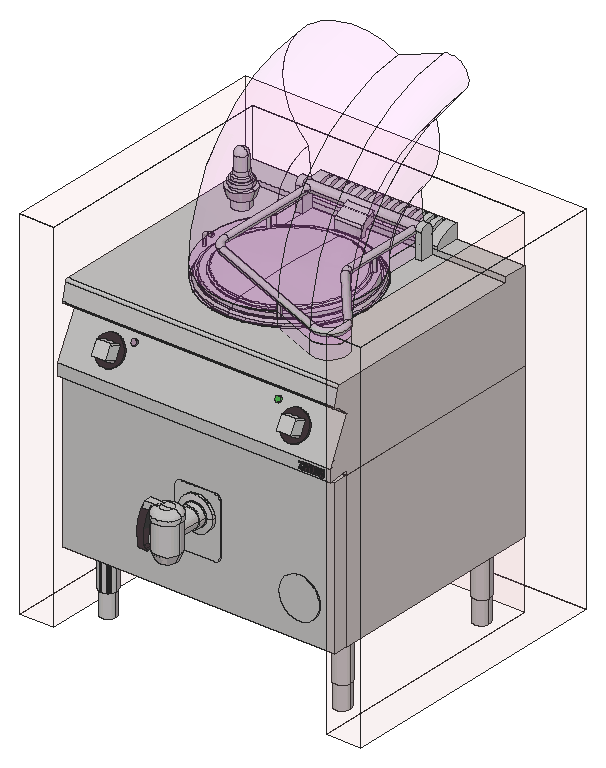
Revit family "QF_ZANUSSI_372270_Z7BSGHINFR", category Attrezzature speciali, Revit 2020
Family settings
  Quota connettore circolare = Usa diametro
  Tipo di parte = Normale
  Basato su piano di lavoro = No
  Sempre verticale = Sì
  Taglio con vuoti quando caricato = No
  Condiviso = Sì
  Punto di calcolo locali = No
Parameters (values of type "Standard")
  Weight = 220.462 lbm
  Watts = 100 W
  Volts = 230 V
  URL Manufacturer = "http://www.zanussiprofessional.com"
  URL = "http://www.zanussiprofessional.com"
  Steam Supply Size = 0"
  Steam Supply Minimum Pressure = 0.00 psi
  Steam Supply Maximum Pressure = 0.00 psi
  Steam Consumption per Hour = 0
  Show Logo [instance] = yes
  Show Clearance [instance] = yes
  Refrigeration Suction Line Size = 0 mm
  Refrigeration Liquid Line Size = 0 mm
  Refrigerant Compressor Remote = yes
  Prospetto di default = 0 mm
  Produttore = "Zanussi"
  Phase = 1
  Modello = "Z7BSGHINFR"
  Length Actual = 800 mm  # constant formula
  Item Number = "372270"
  Hot Water Size = 3/4"
  Height Actual = 850 mm  # constant formula
  HP = "0.1 HP"
  Gas Size = 1/2"
  Gas KW = 14
  Gas Input Pressure = 0.462818 Btu/h
  Direct Waste Size = 5 1/2"
  Descrizione = "60 LT GAS INDIRECT BOIL.PAN-AUTO.REFILL"
  Depth Actual = 700 mm  # constant formula
  Cycle = 50 Hz
  Condensate Return Size = 0"
  Compressed Air Volume = 0 GPM
  Compressed Air Size = 0"
  Compressed Air Pressure = 0.00 psi
  Cold Water Size = 3/4"
  Accessory = yes
Reference planes
  plane 1 "BACK": y = 0
  plane 2: z = 0
  plane 3 "LEFT": x = 0
  plane 4 "RIGHT": x = 800
  plane 5 "FRONT": y = -730
  plane 6: z = 850
  plane 7: z = 150
  plane 8: x = -100
  plane 9: x = 900
  plane 10: y = 100
  plane 11: z = 449
  plane 12 "Top": z = 850
  plane 13: y = -365
  plane 14: x = 400
  plane 15: x = 500
  plane 16: z = 995.049
  plane 17: z = 890.905
Forms (mm)
  Extrusion 1, solid, material "QF_Finishes_Clearance", visible <- "Show Clearance"
    sketch origin (0, -80, 0) x (1, 0, 0) y (0, 1, 0)
      loop
        line (-100, -650) -> (0, -650) -> (0, 80) -> (800, 80) -> (800, -650) -> (900, -650) -> (900, 180) -> (-100, 180) -> (-100, -650)
    from 0 to 1055
  Revolve 2, solid, material "QF_Finishes_Door Clearance", visible <- "Show Clearance"
    sketch origin (-999.388, 37.227, 940.905) x (1, 0, 0) y (0, 1, 0)
      loop
        line (1214.388, -112.413) -> (1214.388, -147.2) -> (1233.629, -147.2) -> (1233.629, -242.213)
        arc (1233.629, -242.213) -> (1220.256, -547.115) -> (1521.217, -597.774) r 230.392
        line (1521.217, -597.774) -> (1659.542, -652.393)
        arc (1659.542, -652.393) -> (1719.84, -634.715) -> (1717.523, -571.922) r 51.161
        line (1717.523, -571.922) -> (1623.189, -459.5)
        arc (1623.189, -459.5) -> (1622.299, -343.659) -> (1565.146, -242.895) r 230.392
        line (1565.146, -242.895) -> (1565.146, -147.2) -> (1584.388, -147.2) -> (1584.388, -112.413) -> (1214.388, -112.413)
      axis (1214.388, -112.413) -> (1717.523, -112.413)
    angle from 0 to -85
  Extrusion 3, solid, material "QF_Finishes_Door Clearance", visible <- "Show Clearance"
    sketch origin (0, 42.589, 145) x (1, 0, 0) y (0, 1, 0)
      loop
        line (215, -117.774) -> (215, -152.562) -> (234.241, -152.562) -> (234.241, -247.575)
        arc (234.241, -247.575) -> (220.868, -552.476) -> (521.828, -603.136) r 230.392
        line (521.828, -603.136) -> (660.154, -657.755)
        arc (660.154, -657.755) -> (720.452, -640.077) -> (718.135, -577.284) r 51.161
        line (718.135, -577.284) -> (623.801, -464.862)
        arc (623.801, -464.862) -> (622.911, -349.021) -> (565.758, -248.256) r 230.392
        line (565.758, -248.256) -> (565.758, -152.562) -> (585, -152.562) -> (585, -117.774) -> (215, -117.774)
    from 755 to 795.905
  Extrusion 4, solid, material "QF_Finishes_Stainless Steel"
    sketch origin (0, 0, 50) x (0, 1, 0) y (0, 0, 1)
      loop
        line (0, 601) -> (0, 865) -> (-70, 865) -> (-70, 850) -> (-679.358, 850)
        arc (-679.358, 850) -> (-684.643, 847.811) -> (-686.833, 842.526) r 7.474
        line (-686.833, 842.526) -> (-699.884, 797.011)
        arc (-699.884, 797.011) -> (-699.396, 794.379) -> (-697, 793.184) r 3
        line (-697, 793.184) -> (-686.802, 793.184) -> (-654.982, 761.364) -> (-715, 641.508) -> (-715, 606.508) -> (-658.645, 614.428)
        arc (-658.645, 614.428) -> (-656.101, 613.674) -> (-655, 611.259) r 3.2
        line (-655, 611.259) -> (-655, 601) -> (0, 601)
    from 0 to 800
  Extrusion 5, solid, material "QF_Finishes_Stainless Steel"
    sketch origin (28.192, 0, 82.666) x (1, 0, 0) y (0, 0, 1)
      loop
        circle (241.361, 238.63) r 30
    from 699.69 to 700.841
  Extrusion 6, solid, material "QF_Finishes_Stainless Steel"
    sketch origin (455.707, 0, 73.11) x (1, 0, 0) y (0, 0, 1)
      loop
        circle (241.361, 238.63) r 60
    from 699.69 to 700.841
  Extrusion 7, solid, material "QF_Finishes_Stainless Steel"
    sketch origin (0, 0, 50) x (1, 0, 0) y (0, 1, 0)
      loop
        line (0, 0) -> (0, -655) -> (800, -655) -> (800, 0) -> (0, 0)
    from 150 to 600
  Extrusion 8, solid, material "QF_Finishes_Stainless Steel"
    sketch origin (0, -40, 50) x (0, 1, 0) y (0, 0, 1)
      loop
        line (-660, 601) -> (-660, 150) -> (-620, 150) -> (-620, 601) -> (-660, 601)
    from 0 to 800
  Extrusion 9, solid, material "QF_Finishes_Stainless Steel"
    sketch origin (-1055.159, 259.464, 194.383) x (1, 0, 0) y (0, 1, 0)
      loop
        circle (1102.159, -787.464) r 10
    from -9.383 to 5.617
  Extrusion 10, solid, material "QF_Finishes_Stainless Steel"
    sketch origin (-1055.159, 346.464, 194.383) x (1, 0, 0) y (0, 1, 0)
      loop
        circle (1102.159, -787.464) r 10
    from -9.383 to 5.617
  Extrusion 11, solid, material "QF_Finishes_Stainless Steel"
    sketch origin (-358.159, 333.464, 194.383) x (1, 0, 0) y (0, 1, 0)
      loop
        circle (1102.159, -787.464) r 10
    from -9.383 to 5.617
  Extrusion 12, solid, material "QF_Finishes_Stainless Steel"
    sketch origin (-375.159, 268.464, 194.383) x (1, 0, 0) y (0, 1, 0)
      loop
        circle (1102.159, -787.464) r 10
    from -9.383 to 5.617
  Extrusion 13, solid, material "QF_Finishes_Stainless Steel"
    sketch origin (-602.159, 281.464, 194.383) x (1, 0, 0) y (0, 1, 0)
      loop
        circle (1102.159, -787.464) r 20
    from -9.383 to 5.617
  Extrusion 14, solid, material "QF_Finishes_Stainless Steel"
    sketch origin (-1055.159, 416.464, 194.383) x (1, 0, 0) y (0, 1, 0)
      loop
        circle (1102.159, -787.464) r 10
    from -9.383 to 5.617
Lines and regions (mm)
  reference lines
    curve 1: line (734, 0, 0) -> (754, 0, 0)
  model lines
    curve 2: line (0, -700, 200) -> (0, -660, 200)
Dimensions and locks
  plane 4 "RIGHT" to plane 3 "LEFT" = 800 mm
  plane 6 to level = 850 mm
  plane 3 "LEFT" to plane 4 "RIGHT" = 800 mm
  plane 5 "FRONT" to plane 1 "BACK" = 730 mm
  plane 8 to plane 3 "LEFT" = 100 mm
  plane 4 "RIGHT" to plane 9 = 100 mm
  plane 10 to plane 1 "BACK" = 100 mm
  equal spacing: plane 3 "LEFT", plane 14, plane 4 "RIGHT"
  equal spacing: plane 5 "FRONT", plane 13, plane 1 "BACK"
  plane 15 to plane 3 "LEFT" = 500 mm
  aligned and locked: level to plane 2
  aligned and locked: plane 5 "FRONT" to Extrusion 1  (x2)
  aligned and locked: Extrusion 1 to plane 4 "RIGHT"
  aligned and locked: plane 3 "LEFT" to Extrusion 1
  aligned and locked: plane 8 to Extrusion 1
  aligned and locked: plane 9 to Extrusion 1
  aligned and locked: plane 10 to Extrusion 1
  aligned and locked: plane 1 "BACK" to Extrusion 1
Automatic sketch dimensions
  curve 2 to plane 5 "FRONT" = 30 mm
  plane 7 to curve 2 = 50 mm
  curve 2 to curve 2 = 40 mm
  plane 5 "FRONT" to Extrusion 1 sketch curve = 0 mm  (x2)
  Extrusion 1 sketch curve to plane 8 = 0 mm
  Extrusion 1 sketch curve to plane 3 "LEFT" = 0 mm
  plane 1 "BACK" to Extrusion 1 sketch curve = 0 mm
  Extrusion 1 sketch curve to plane 4 "RIGHT" = 0 mm
  Extrusion 1 sketch curve to plane 9 = 0 mm
  Extrusion 1 sketch curve to plane 10 = 0 mm
  plane 1 "BACK" to curve 1 = 0 mm
  curve 1 to plane 4 "RIGHT" = 66 mm
  curve 1 to curve 1 = 20 mm
  Revolve 2 sketch curve to plane 13 = 0 mm
  Revolve 2 sketch curve to plane 14 = 0 mm
  Revolve 2 sketch curve to plane 14 = 165.759 mm
  Revolve 2 sketch curve to Revolve 2 sketch curve = 19.241 mm
  plane 14 to Revolve 2 sketch curve = 0.37 mm
  Revolve 2 sketch curve to plane 15 = 21.828 mm
  Revolve 2 sketch curve to plane 15 = 65.758 mm
  Revolve 2 sketch curve to Revolve 2 sketch curve = 19.242 mm
  Revolve 2 sketch curve to plane 13 = 57.273 mm
  Revolve 2 sketch curve to plane 15 = 123.801 mm
  Revolve 2 sketch curve to plane 4 "RIGHT" = 139.846 mm
  Revolve 2 sketch curve to Revolve 2 sketch curve = 18.79 mm
  Revolve 2 sketch curve to Revolve 2 sketch curve = 39.191 mm
  Revolve 2 sketch curve to Revolve 2 sketch curve = 112.422 mm
  Revolve 2 sketch curve to plane 5 "FRONT" = 169.453 mm
  Revolve 2 sketch curve to Revolve 2 sketch curve = 32.885 mm
  Revolve 2 sketch curve to plane 13 = 1.065 mm
  Revolve 2 sketch curve to Revolve 2 sketch curve = 95.694 mm
  Revolve 2 sketch curve to Revolve 2 sketch curve = 95.013 mm
  Revolve 2 sketch curve to Revolve 2 sketch curve = 34.788 mm  (x2)
  Revolve 2 sketch curve to Revolve 2 sketch curve = 63.573 mm
  plane 15 to Revolve 2 sketch curve = 32.187 mm
  Extrusion 3 sketch curve to plane 13 = 0 mm
  Extrusion 3 sketch curve to plane 14 = 0 mm
  Extrusion 3 sketch curve to plane 14 = 165.759 mm
  Extrusion 3 sketch curve to Extrusion 3 sketch curve = 19.241 mm
  plane 14 to Extrusion 3 sketch curve = 0.37 mm
  Extrusion 3 sketch curve to plane 15 = 21.828 mm
  Extrusion 3 sketch curve to plane 15 = 65.758 mm
  Extrusion 3 sketch curve to Extrusion 3 sketch curve = 19.242 mm
  Extrusion 3 sketch curve to plane 13 = 57.273 mm
  Extrusion 3 sketch curve to plane 15 = 123.801 mm
  Extrusion 3 sketch curve to plane 4 "RIGHT" = 139.846 mm
  Extrusion 3 sketch curve to Extrusion 3 sketch curve = 18.79 mm
  Extrusion 3 sketch curve to Extrusion 3 sketch curve = 39.191 mm
  Extrusion 3 sketch curve to Extrusion 3 sketch curve = 112.422 mm
  Extrusion 3 sketch curve to plane 5 "FRONT" = 169.453 mm
  Extrusion 3 sketch curve to Extrusion 3 sketch curve = 32.885 mm
  Extrusion 3 sketch curve to plane 13 = 1.065 mm
  Extrusion 3 sketch curve to Extrusion 3 sketch curve = 95.694 mm
  Extrusion 3 sketch curve to Extrusion 3 sketch curve = 95.013 mm
  Extrusion 3 sketch curve to Extrusion 3 sketch curve = 34.788 mm
  Extrusion 4 sketch curve to plane 1 "BACK" = 0 mm
  plane 17 to Extrusion 4 sketch curve = 24.095 mm
  plane 1 "BACK" to Extrusion 4 sketch curve = 70 mm
  Extrusion 4 sketch curve to plane 5 "FRONT" = 75.018 mm
  Extrusion 4 sketch curve to plane 5 "FRONT" = 75 mm
  Extrusion 4 sketch curve to Extrusion 4 sketch curve = 3.2 mm
  Extrusion 4 sketch curve to Extrusion 4 sketch curve = 0.445 mm
  plane 17 to Extrusion 4 sketch curve = 1.621 mm
  Extrusion 4 sketch curve to plane 5 "FRONT" = 50.642 mm
  Extrusion 4 sketch curve to plane 6 = 6.816 mm
  Extrusion 4 sketch curve to plane 5 "FRONT" = 43.198 mm
  Extrusion 4 sketch curve to Extrusion 4 sketch curve = 7.474 mm
  Extrusion 4 sketch curve to plane 6 = 3.816 mm
  Extrusion 4 sketch curve to Extrusion 4 sketch curve = 10.198 mm
  Extrusion 4 sketch curve to plane 6 = 2.989 mm
  Extrusion 4 sketch curve to plane 5 "FRONT" = 15 mm
  Extrusion 4 sketch curve to plane 6 = 38.636 mm
  Extrusion 4 sketch curve to Extrusion 4 sketch curve = 119.856 mm
  Extrusion 4 sketch curve to Extrusion 4 sketch curve = 27.08 mm
  Extrusion 4 sketch curve to Extrusion 4 sketch curve = 35 mm
  Extrusion 4 sketch curve to Extrusion 4 sketch curve = 10.259 mm
  Extrusion 5 sketch curve to plane 14 = 130.446 mm
  plane 11 to Extrusion 5 sketch curve = 127.704 mm
  Extrusion 6 sketch curve to plane 4 "RIGHT" = 102.932 mm
  plane 11 to Extrusion 6 sketch curve = 137.26 mm
  Extrusion 7 sketch curve to plane 3 "LEFT" = 0 mm
  Extrusion 7 sketch curve to plane 4 "RIGHT" = 0 mm
  plane 1 "BACK" to Extrusion 7 sketch curve = 0 mm
  Extrusion 7 sketch curve to plane 5 "FRONT" = 75 mm
  Extrusion 8 sketch curve to plane 5 "FRONT" = 30 mm
  Extrusion 8 sketch curve to Extrusion 8 sketch curve = 40 mm
  plane 7 to Extrusion 8 sketch curve = 50 mm
  Extrusion 8 sketch curve to plane 6 = 199 mm
  plane 3 "LEFT" to Extrusion 9 sketch curve = 47 mm
  Extrusion 9 sketch curve to plane 13 = 163 mm
  plane 3 "LEFT" to Extrusion 10 sketch curve = 47 mm
  Extrusion 10 sketch curve to plane 13 = 76 mm
  Extrusion 11 sketch curve to plane 4 "RIGHT" = 56 mm
  Extrusion 11 sketch curve to plane 13 = 89 mm
  Extrusion 12 sketch curve to plane 4 "RIGHT" = 73 mm
  Extrusion 12 sketch curve to plane 13 = 154 mm
  Extrusion 13 sketch curve to plane 15 = 0 mm
  Extrusion 13 sketch curve to plane 13 = 141 mm
  Extrusion 14 sketch curve to plane 13 = 6 mm
  plane 3 "LEFT" to Extrusion 14 sketch curve = 47 mm
  radius of Extrusion 5 sketch curve = 30 mm
  radius of Extrusion 6 sketch curve = 60 mm
  radius of Extrusion 9 sketch curve = 10 mm
  radius of Extrusion 10 sketch curve = 10 mm
  radius of Extrusion 11 sketch curve = 10 mm
  radius of Extrusion 12 sketch curve = 10 mm
  radius of Extrusion 13 sketch curve = 20 mm
  radius of Extrusion 14 sketch curve = 10 mm
Nested families
  nested 1: "CHIUSURA_EBOLLITORE_MANIGLIA_420" at (400, -364.434, 900), type "CHIUSURA_EBOLLITORE_MANIGLIA_420"
  nested 2: "Valvola_Sicurezza_Pressione_VERSIONE LARGA" at (99.001, -165.726, 900) x (0, -1, 0) z (0, 0, 1), type "Valvola_Sicurezza_Pressione_VERSIONE LARGA"
  nested 3: "Uscita_Fumi" at (400, -34.925, 915), type "Uscita_Fumi"
  nested 4: "SPIA_RED" at (188.474, -668.991, 791.498) x (1, 0, 0) z (0, -0.9021, 0.4315), type "SPIA_RED"
  nested 5: "SPIA_GREEN" at (611.526, -668.991, 791.498) x (-1, 0, 0) z (0, -0.9021, 0.4315), type "SPIA_GREEN"
  nested 6: "CONTROLLER_XP-ZAN" at (178.223, -683.163, 755.086) x (1, 0, 0) z (0, -0.8942, 0.4478), type "CONTROLLER_XP-ZAN"
  nested 7: "CONTROLLER_XP-ZAN" at (723.911, -685.675, 750.07) x (1, 0, 0) z (0, -0.8942, 0.4478), type "CONTROLLER_XP-ZAN"
  nested 8: "ZANUSSI_Logo" at (748.892, -715, 722.809) x (1, 0, 0) z (0, -1, 0), Show Logo <- "Show Logo", visible <- "Show Logo", type "ZANUSSI_Logo"
    with Show Logo yes
  nested 9: "bocchettone_scarico_SX_ebollitori" at (400, -699.69, 411.296) x (1, 0, 0) z (0, -1, 0), type "bocchettone_scarico_SX_ebollitori"
    with Body Finish QF_Finishes_Stainless Steel
  nested 10: "Piedino 50xH200_par" at (56, -601, 0), type "Piedino 50xH200_par"
    with H 200 mm
  nested 11: "Piedino 50xH200_par" at (56, -90.993, 0), type "Piedino 50xH200_par"
    with H 200 mm
  nested 12: "Piedino 50xH200_par" at (744.014, -90.993, 0), type "Piedino 50xH200_par"
    with H 200 mm
  nested 13: "Piedino 50xH200_par" at (744.014, -601.009, 0), type "Piedino 50xH200_par"
    with H 200 mm
  nested 14: "Piedino 50xH200_par" at (56.014, -601.009, 0), type "Piedino 50xH200_par"
    with H 200 mm
Connectors
  piping at (744, -454, 185), diameter 12.7, driven by "Gas Size"
    settings: on Extrusion 11, index 8, connector inside diameter 24", connector length 0 mm, flow factor 0, pipe flow 0 GPM, pressure drop 0.00 psi, fitting loss kfactor 0, connector angle 0.00°, fixture units 0, engagement length 0 mm, angle of deflection 0.00°, flow configuration 0, flow direction 0, fitting loss method 0, system type 29, joint type 0, gender type 0, connector reference index -1, connector utility 0, adjustable connector no, is connector primary yes, connector description "Gas Connection"
  piping at (500, -506, 185), diameter 139.7, driven by "Direct Waste Size"
    settings: on Extrusion 13, index 9, connector inside diameter 24", connector length 0 mm, flow factor 0, pipe flow 0 GPM, pressure drop 0.00 psi, fitting loss kfactor 0, connector angle 0.00°, fixture units 0, engagement length 0 mm, angle of deflection 0.00°, flow configuration 0, flow direction 0, fitting loss method 0, system type 29, joint type 0, gender type 0, connector reference index -1, connector utility 0, adjustable connector no, is connector primary no, connector description "Drain"
  electrical at (727, -519, 185), driven by "Volts"
    settings: on Extrusion 12, index 10, voltage 230 V, apparent load 0 VA, apparent load phase1 0 VA, apparent load phase2 0 VA, apparent load phase3 0 VA, power factor 1, load classification "Altro", number of poles 1, system type 30, power factor state 1, is connector primary yes, connector utility no, sub classification motor no, connector description "Electrical Connection"
  piping at (47, -528, 185), diameter 19.05, driven by "Cold Water Size"
    settings: on Extrusion 9, index 11, connector inside diameter 24", connector length 0 mm, flow factor 0, pipe flow 0 GPM, pressure drop 0.00 psi, fitting loss kfactor 0, connector angle 0.00°, fixture units 0, engagement length 0 mm, angle of deflection 0.00°, flow configuration 0, flow direction 0, fitting loss method 0, system type 29, joint type 0, gender type 0, connector reference index -1, connector utility 0, adjustable connector no, is connector primary no, connector description "Cold Water Inlet"
  piping at (47, -441, 185), diameter 19.05, driven by "Hot Water Size"
    settings: on Extrusion 10, index 12, connector inside diameter 24", connector length 0 mm, flow factor 0, pipe flow 0 GPM, pressure drop 0.00 psi, fitting loss kfactor 0, connector angle 0.00°, fixture units 0, engagement length 0 mm, angle of deflection 0.00°, flow configuration 0, flow direction 0, fitting loss method 0, system type 29, joint type 0, gender type 0, connector reference index -1, connector utility 0, adjustable connector no, is connector primary no, connector description "Hot Water Inlet"
  piping at (47, -371, 185), diameter 12.7
    settings: on Extrusion 14, index 13, connector inside diameter 24", connector length 0 mm, flow factor 0, pipe flow 0 GPM, pressure drop 0.00 psi, fitting loss kfactor 0, connector angle 0.00°, fixture units 0, engagement length 0 mm, angle of deflection 0.00°, flow configuration 0, flow direction 0, fitting loss method 0, system type 29, joint type 0, gender type 0, connector reference index -1, connector utility 0, adjustable connector no, is connector primary no, connector description "Water Drain"
Definition of nested family "CHIUSURA_EBOLLITORE_MANIGLIA_420"
  Parameters (values of type "CHIUSURA_EBOLLITORE_MANIGLIA_420")
    Default Elevation = 1219.2 mm
  Reference planes
    plane 1 "Centro (Fronte/Retro)": y = 0
    plane 2: z = 0
    plane 3 "Centro (Sinistra/Destra)": x = 0
  Forms (mm)
    Extrusion 1, solid
      sketch origin (0, 0, 0) x (1, 0, 0) y (0, 1, 0)
        loop
          line (-1219.2, 1219.2) -> (-1219.2, -1219.2) -> (1219.2, -1219.2) -> (1219.2, 1219.2) -> (-1219.2, 1219.2)
      from 0 to -304.8
    Sweep 2, solid
      path origin (-400, 374.738, -849.313) x (1, 0, 0) y (0, 1, 0)
        loop
          line (243.743, -103.594) -> (243.743, -417.5)
          arc (243.743, -417.5) -> (252.432, -445.667) -> (275.478, -464.045) r 50
          line (275.478, -464.045) -> (663.94, -616.483)
          arc (663.94, -616.483) -> (712.787, -602.077) -> (710.882, -551.185) r 41.493
          line (710.882, -551.185) -> (563.79, -375.888)
          arc (563.79, -375.888) -> (558.199, -366.203) -> (556.257, -355.19) r 32.201
          line (556.257, -355.19) -> (556.257, -103.594)
      profile origin (-156.257, 114.191, -849.313) x (1, 0, 0) y (0, 0, 1)
        loop
          circle (0, 918.759) r 9.525
    Revolve 3, solid
      sketch origin (0, 355.988, -849.313) x (0, 1, 0) y (0, 0, 1)
        loop
          line (-355.988, 849.313) -> (-355.988, 890.138)
          arc (-355.988, 890.138) -> (-448.202, 888.071) -> (-540.231, 881.875) r 2058.307
          arc (-540.231, 881.875) -> (-541.6, 881.506) -> (-542.761, 880.692) r 4.095
          line (-542.761, 880.692) -> (-546.613, 876.84) -> (-546.613, 873.469) -> (-564.694, 873.469) -> (-564.694, 853.437) -> (-572.776, 853.437) -> (-572.776, 867.549) -> (-576.075, 867.549) -> (-576.075, 865.745) -> (-580.988, 857.235) -> (-580.988, 851.51) -> (-585.988, 851.51) -> (-585.988, 849.313) -> (-355.988, 849.313)
        axis (-355.988, 849.313) -> (-355.988, 890.138)
      angle from 0 to 360
    Extrusion 4, solid
      sketch origin (-400, 374.738, -849.313) x (1, 0, 0) y (0, 1, 0)
        loop
          circle (516.64, -559.183) r 5
        loop
          circle (611.532, -432.835) r 5
        loop
          circle (556.239, -256.89) r 5
        loop
          circle (243.739, -256.89) r 5
      from 873.469 to 917.509
    Extrusion 5, solid
      sketch origin (-400, 375.449, -857.666) x (0, 1, 0) y (0, 0, 1)
        loop
          circle (-103.594, 927.13) r 15
      from 215 to 585
    Extrusion 6, solid
      sketch origin (-400, 376.074, -857.666) x (0, 1, 0) y (0, 0, 1)
        loop
          line (-161.825, 881.823) -> (-147.722, 881.823) -> (-147.722, 896.159)
          arc (-147.722, 896.159) -> (-146.818, 899.027) -> (-144.432, 900.857) r 5
          line (-144.432, 900.857) -> (-110.128, 913.343)
          arc (-110.128, 913.343) -> (-118.811, 923.657) -> (-115.705, 936.776) r 15
          line (-115.705, 936.776) -> (-157.703, 913.496)
          arc (-157.703, 913.496) -> (-160.718, 910.56) -> (-161.825, 906.499) r 8
          line (-161.825, 906.499) -> (-161.825, 881.823)
      from 361.051 to 438.949
    Extrusion 7, solid
      sketch origin (326.071, 375.449, -856.416) x (0, 1, 0) y (0, 0, -1)
        loop
          line (-86.2, -856.416) -> (-120.988, -856.416) -> (-120.988, -927.861)
          arc (-120.988, -927.861) -> (-103.594, -945.255) -> (-86.2, -927.861) r 17.394
          line (-86.2, -927.861) -> (-86.2, -856.416)
      from 492.722 to 511.071
    Sweep 8, solid
      path origin (25, 0, 0) x (1, 0, 0) y (0, 0, 1)
        loop
          line (-276.49, 0) -> (-276.49, 22.015)
          arc (-276.49, 22.015) -> (-272.687, 31.197) -> (-263.505, 35) r 12.985
          line (-263.505, 35) -> (-251.49, 35)
      profile origin (-251.49, 0, 11.007) x (-1, 0, 0) y (0, -1, 0)
        loop
          circle (0, 0) r 4
    Sweep 9, void
      path origin (25, 0.021, -0.007) x (1, 0, 0) y (0, 0, 1)
        loop
          line (-276.49, 0) -> (-276.49, 22.015)
          arc (-276.49, 22.015) -> (-272.687, 31.197) -> (-263.505, 35) r 12.985
          line (-263.505, 35) -> (-251.49, 35)
      profile origin (-251.49, 0.021, 11) x (-1, 0, 0) y (0, -1, 0)
        loop
          circle (0, 0) r 3
    Extrusion 10, solid
      sketch origin (-326.071, 375.449, -856.416) x (0, 1, 0) y (0, 0, 1)
        loop
          line (-86.2, 856.416) -> (-86.2, 927.861)
          arc (-86.2, 927.861) -> (-103.594, 945.255) -> (-120.988, 927.861) r 17.394
          line (-120.988, 927.861) -> (-120.988, 856.416) -> (-86.2, 856.416)
      from 492.722 to 511.071
  Cuts and joins
    Sweep 9 cuts Sweep 8
    joined: Sweep 2, Extrusion 5, Extrusion 7, Extrusion 10
  Dimensions and locks
    aligned and locked: plane 2 to Extrusion 1
    aligned and locked: level to Extrusion 1
Definition of nested family "Valvola_Sicurezza_Pressione_VERSIONE LARGA"
  Parameters (values of type "Valvola_Sicurezza_Pressione_VERSIONE LARGA")
    Default Elevation = 1219.2 mm
  Reference planes
    plane 1 "Centro (Fronte/Retro)": y = 0
    plane 2: z = 0
    plane 3 "Centro (Sinistra/Destra)": x = 0
  Forms (mm)
    Extrusion 1, solid
      sketch origin (0, 0, 0) x (1, 0, 0) y (0, 1, 0)
        loop
          line (-1219.2, 1219.2) -> (-1219.2, -1219.2) -> (1219.2, -1219.2) -> (1219.2, 1219.2) -> (-1219.2, 1219.2)
      from 0 to -304.8
    Revolve 2, solid
      sketch origin (0, 127, -850) x (0, 1, 0) y (0, 0, 1)
        loop
          line (-127, 850) -> (-127, 1005.049)
          arc (-127, 1005.049) -> (-139.857, 999.724) -> (-145.183, 986.867) r 18.183
          line (-145.183, 986.867) -> (-145.183, 946.198) -> (-147.515, 946.198) -> (-147.515, 935.501) -> (-152, 931.015) -> (-152, 924.56) -> (-157, 924.56) -> (-157, 919.56) -> (-160.008, 919.56) -> (-160.008, 911.432) -> (-157, 911.432) -> (-157, 902.923) -> (-168.345, 902.923) -> (-160.305, 877.208) -> (-152, 875.138) -> (-152, 850) -> (-127, 850)
        axis (-127, 850) -> (-127, 1005.049)
      angle from 0 to 360
  Dimensions and locks
    aligned and locked: plane 2 to Extrusion 1
    aligned and locked: level to Extrusion 1
Definition of nested family "Uscita_Fumi"
  Parameters (values of type "Uscita_Fumi")
    Default Elevation = 1219.2 mm
  Reference planes
    plane 1 "Centro (Fronte/Retro)": y = 0
    plane 2: z = 0
    plane 3 "Centro (Sinistra/Destra)": x = 0
  Forms (mm)
    Extrusion 1, solid
      sketch origin (0, 0, 0) x (1, 0, 0) y (0, 1, 0)
        loop
          line (-1219.2, 1219.2) -> (-1219.2, -1219.2) -> (1219.2, -1219.2) -> (1219.2, 1219.2) -> (-1219.2, 1219.2)
      from 0 to -304.8
    Extrusion 2, solid
      sketch origin (-200, 34.925, -289.638) x (0, 1, 0) y (0, 0, 1)
        loop
          line (0, 289.638) -> (0, 331.738)
          arc (0, 331.738) -> (-38.857, 324.552) -> (-69.85, 300.038) r 82.056
          line (-69.85, 300.038) -> (-69.85, 289.638) -> (0, 289.638)
      from 0 to 400
    Extrusion 3, void
      sketch origin (-200, 34.925, -15) x (0, -1, 0) y (1, 0, 0)
        loop
          line (6.761, 29.703) -> (63.911, 29.703) -> (63.911, 38.999) -> (6.761, 38.999) -> (6.761, 29.703)
        loop
          line (63.911, 64.487) -> (6.761, 64.487) -> (6.761, 55.191) -> (63.911, 55.191) -> (63.911, 64.487)
        loop
          line (63.911, 89.975) -> (6.761, 89.975) -> (6.761, 80.68) -> (63.911, 80.68) -> (63.911, 89.975)
        loop
          line (63.911, 115.464) -> (6.761, 115.464) -> (6.761, 106.168) -> (63.911, 106.168) -> (63.911, 115.464)
        loop
          line (63.911, 140.952) -> (6.761, 140.952) -> (6.761, 131.656) -> (63.911, 131.656) -> (63.911, 140.952)
        loop
          line (63.911, 166.44) -> (6.761, 166.44) -> (6.761, 157.145) -> (63.911, 157.145) -> (63.911, 166.44)
        loop
          line (63.911, 191.929) -> (6.761, 191.929) -> (6.761, 182.633) -> (63.911, 182.633) -> (63.911, 191.929)
        loop
          line (63.911, 217.417) -> (6.761, 217.417) -> (6.761, 208.121) -> (63.911, 208.121) -> (63.911, 217.417)
        loop
          line (63.911, 242.905) -> (6.761, 242.905) -> (6.761, 233.61) -> (63.911, 233.61) -> (63.911, 242.905)
        loop
          line (63.911, 268.394) -> (6.761, 268.394) -> (6.761, 259.098) -> (63.911, 259.098) -> (63.911, 268.394)
        loop
          line (63.911, 293.882) -> (6.761, 293.882) -> (6.761, 284.586) -> (63.911, 284.586) -> (63.911, 293.882)
        loop
          line (63.911, 319.37) -> (6.761, 319.37) -> (6.761, 310.075) -> (63.911, 310.075) -> (63.911, 319.37)
        loop
          line (63.911, 344.859) -> (6.761, 344.859) -> (6.761, 335.563) -> (63.911, 335.563) -> (63.911, 344.859)
        loop
          line (63.911, 370.347) -> (6.761, 370.347) -> (6.761, 361.051) -> (63.911, 361.051) -> (63.911, 370.347)
      from 25.4 to 63.5
  Cuts and joins
    Extrusion 3 cuts Extrusion 2
  Dimensions and locks
    aligned and locked: plane 2 to Extrusion 1
    aligned and locked: level to Extrusion 1
Definition of nested family "SPIA_RED"
  Parameters
    Default Elevation = 1219.2 mm
  Reference planes
    plane 1 "Centro (Fronte/Retro)": y = 0
    plane 2: z = 0
    plane 3 "Centro (Sinistra/Destra)": x = 0
  Forms (mm)
    Extrusion 1, solid
      sketch origin (0, 0, 0) x (1, 0, 0) y (0, 1, 0)
        loop
          line (-1219.2, 1219.2) -> (-1219.2, -1219.2) -> (1219.2, -1219.2) -> (1219.2, 1219.2) -> (-1219.2, 1219.2)
      from 0 to -304.8
    Extrusion 2, solid
      sketch origin (-367.513, 69.533, 3.175) x (-1, 0, 0) y (0, 1, 0)
        loop
          circle (-367.513, -69.533) r 8
      from 0 to 3.175
  Dimensions and locks
    aligned and locked: plane 2 to Extrusion 1
    aligned and locked: level to Extrusion 1
Definition of nested family "SPIA_GREEN"
  Parameters
    Default Elevation = 1219.2 mm
  Reference planes
    plane 1 "Centro (Fronte/Retro)": y = 0
    plane 2: z = 0
    plane 3 "Centro (Sinistra/Destra)": x = 0
  Forms (mm)
    Extrusion 1, solid
      sketch origin (0, 0, 0) x (1, 0, 0) y (0, 1, 0)
        loop
          line (-1219.2, 1219.2) -> (-1219.2, -1219.2) -> (1219.2, -1219.2) -> (1219.2, 1219.2) -> (-1219.2, 1219.2)
      from 0 to -304.8
    Extrusion 2, solid
      sketch origin (-367.513, 69.533, 3.175) x (-1, 0, 0) y (0, 1, 0)
        loop
          circle (-367.513, -69.533) r 8
      from 0 to 3.175
  Dimensions and locks
    aligned and locked: plane 2 to Extrusion 1
    aligned and locked: level to Extrusion 1
Definition of nested family "CONTROLLER_XP-ZAN"
  Parameters (values of type "CONTROLLER_XP-ZAN")
    Default Elevation = 0 mm
  Reference planes
    plane 1 "Centro (Fronte/Retro)": y = 0
    plane 2: z = 0
    plane 3 "Centro (Sinistra/Destra)": x = 0
    plane 4: x = -51.067
    plane 5: x = 51.067
    plane 6: x = 93.481
    plane 7: x = -93.481
  Forms (mm)
    Extrusion 1, solid
      sketch origin (0, 0, 0) x (1, 0, 0) y (0, 1, 0)
        loop
          line (-1219.2, 1219.2) -> (-1219.2, -1219.2) -> (1219.2, -1219.2) -> (1219.2, 1219.2) -> (-1219.2, 1219.2)
      from 0 to -304.8
    Extrusion 2, solid
      sketch origin (-46.381, -48.923, 0) x (1, 0, 0) y (0, 1, 0)
        loop
          circle (-4.687, 48.923) r 42.414
      from 0 to 3.175
    Blend 3, solid
      base sketch origin (-46.381, -48.923, 3.175) x (1, 0, 0) y (0, 1, 0)
        loop
          line (-23.687, 25.923) -> (14.313, 25.923)
          arc (14.313, 25.923) -> (17.142, 27.095) -> (18.313, 29.923) r 4
          line (18.313, 29.923) -> (18.313, 66.519)
          arc (18.313, 66.519) -> (17.342, 69.132) -> (14.901, 70.476) r 4
          arc (14.901, 70.476) -> (-4.687, 71.923) -> (-24.275, 70.476) r 133.25
          arc (-24.275, 70.476) -> (-26.716, 69.132) -> (-27.687, 66.519) r 4
          line (-27.687, 66.519) -> (-27.687, 29.923)
          arc (-27.687, 29.923) -> (-26.515, 27.095) -> (-23.687, 25.923) r 4
      top sketch origin (-46.381, -48.923, 3.175) x (1, 0, 0) y (0, 1, 0)
        loop
          line (-25.687, 66.519) -> (-25.687, 29.923)
          arc (-25.687, 29.923) -> (-25.101, 28.509) -> (-23.687, 27.923) r 2
          line (-23.687, 27.923) -> (14.313, 27.923)
          arc (14.313, 27.923) -> (15.727, 28.509) -> (16.313, 29.923) r 2
          line (16.313, 29.923) -> (16.313, 66.519)
          arc (16.313, 66.519) -> (15.828, 67.825) -> (14.607, 68.498) r 2
          arc (14.607, 68.498) -> (-4.687, 69.923) -> (-23.981, 68.498) r 131.25
          arc (-23.981, 68.498) -> (-25.201, 67.825) -> (-25.687, 66.519) r 2
      from 0 to 33
  Lines and regions (mm)
    Split face 1
      outline origin (-46.381, -48.923, 36.175) x (1, 0, 0) y (0, 1, 0)
        loop
          line (-6.687, 69.908) -> (-6.687, 62.923) -> (-2.687, 62.923) -> (-2.687, 69.908)
  Dimensions and locks
    aligned and locked: plane 2 to Extrusion 1
    aligned and locked: level to Extrusion 1
Definition of nested family "ZANUSSI_Logo"
  Parameters (values of type "ZANUSSI_Logo")
    Show Logo [instance] = yes
    Default Elevation = 1219.2 mm
  Reference planes
    plane 1 "Center (Front/Back)": y = -49
    plane 2: z = 0
    plane 3 "Center (Left/Right)": x = -9.92
  Forms (mm)
    Extrusion 1, solid
      sketch origin (0, 0, 0) x (1, 0, 0) y (0, 1, 0)
        loop
          line (-1219.2, 1219.2) -> (-1219.2, -1219.2) -> (1219.2, -1219.2) -> (1219.2, 1219.2) -> (-1219.2, 1219.2)
      from 0 to -304.8
    Extrusion 2, solid, visible <- "Show Logo"
      sketch origin (106.353, -215.165, -50) x (1, 0, 0) y (0, 1, 0)
        loop
          line (-137.419, 156.48) -> (-137.419, 160.444) -> (-143.365, 160.444) -> (-137.419, 172.566) -> (-137.419, 175.851) -> (-147.274, 175.851) -> (-147.274, 172.226) -> (-142.063, 172.339) -> (-147.728, 160.444) -> (-147.728, 156.48) -> (-137.419, 156.48)
        loop
          line (-131.729, 163.73) -> (-129.463, 163.73) -> (-130.596, 172.54) -> (-131.729, 163.73)
        loop
          line (-132.748, 156.48) -> (-132.182, 160.218) -> (-128.897, 160.218) -> (-128.33, 156.48) -> (-124.252, 156.48) -> (-127.877, 175.851) -> (-133.315, 175.851) -> (-136.826, 156.48) -> (-132.748, 156.48)
        loop
          line (-123.75, 175.851) -> (-123.75, 156.48) -> (-120.238, 156.48) -> (-120.238, 169.281) -> (-116.953, 156.48) -> (-112.648, 156.48) -> (-112.648, 175.851) -> (-116.273, 175.851) -> (-116.273, 163.503) -> (-119.558, 175.851) -> (-123.75, 175.851)
        loop
          arc (-111.742, 161.27) -> (-106.896, 156.448) -> (-101.433, 160.558) r 5.22
          line (-101.433, 160.558) -> (-101.433, 175.851) -> (-105.398, 175.851) -> (-105.398, 161.464)
          arc (-105.398, 161.464) -> (-106.44, 160.263) -> (-107.777, 161.124) r 1.214
          line (-107.777, 161.124) -> (-107.777, 175.851) -> (-111.742, 175.851) -> (-111.742, 161.27)
        loop
          line (-94.069, 169.734) -> (-90.331, 169.734) -> (-90.269, 171.495)
          arc (-90.269, 171.495) -> (-90.53, 173.458) -> (-91.761, 175.009) r 3.719
          arc (-91.761, 175.009) -> (-95.38, 176.189) -> (-98.998, 175.009) r 6.139
          arc (-98.998, 175.009) -> (-100.474, 172.145) -> (-100.291, 168.927) r 6.125
          arc (-100.291, 168.927) -> (-99.079, 167.149) -> (-97.591, 165.594) r 13.068
          line (-97.591, 165.594) -> (-95.921, 164.113)
          arc (-95.921, 164.113) -> (-94.934, 163.275) -> (-94.167, 162.233) r 5.571
          arc (-94.167, 162.233) -> (-94.357, 160.41) -> (-96.143, 160.003) r 1.573
          arc (-96.143, 160.003) -> (-96.681, 160.547) -> (-96.911, 161.277) r 1.631
          arc (-96.911, 161.277) -> (-96.929, 161.791) -> (-96.911, 162.305) r 7.441
          arc (-96.911, 162.305) -> (-96.895, 162.791) -> (-96.911, 163.277) r 7.03
          line (-96.911, 163.277) -> (-100.866, 163.277)
          arc (-100.866, 163.277) -> (-100.828, 160.504) -> (-99.735, 157.955) r 7.131
          arc (-99.735, 157.955) -> (-94.571, 156.484) -> (-90.221, 159.633) r 6.148
          arc (-90.221, 159.633) -> (-90.141, 162.884) -> (-91.536, 165.823) r 7.021
          line (-91.536, 165.823) -> (-95.882, 169.734)
          arc (-95.882, 169.734) -> (-96.47, 170.472) -> (-96.785, 171.362) r 2.858
          arc (-96.785, 171.362) -> (-95.666, 172.959) -> (-94.069, 171.84) r 1.379
          line (-94.069, 171.84) -> (-94.069, 169.734)
        loop
          line (-82.771, 169.734) -> (-79.033, 169.734) -> (-78.971, 171.495)
          arc (-78.971, 171.495) -> (-79.232, 173.458) -> (-80.463, 175.009) r 3.719
          arc (-80.463, 175.009) -> (-84.081, 176.189) -> (-87.7, 175.009) r 6.139
          arc (-87.7, 175.009) -> (-89.175, 172.145) -> (-88.993, 168.927) r 6.125
          arc (-88.993, 168.927) -> (-87.781, 167.149) -> (-86.293, 165.594) r 13.068
          line (-86.293, 165.594) -> (-84.623, 164.113)
          arc (-84.623, 164.113) -> (-83.636, 163.275) -> (-82.869, 162.233) r 5.571
          arc (-82.869, 162.233) -> (-83.059, 160.41) -> (-84.845, 160.003) r 1.573
          arc (-84.845, 160.003) -> (-85.383, 160.547) -> (-85.613, 161.277) r 1.631
          arc (-85.613, 161.277) -> (-85.631, 161.791) -> (-85.613, 162.305) r 7.441
          arc (-85.613, 162.305) -> (-85.596, 162.791) -> (-85.613, 163.277) r 7.03
          line (-85.613, 163.277) -> (-89.568, 163.277)
          arc (-89.568, 163.277) -> (-89.53, 160.504) -> (-88.437, 157.955) r 7.131
          arc (-88.437, 157.955) -> (-83.272, 156.484) -> (-78.922, 159.633) r 6.148
          arc (-78.922, 159.633) -> (-78.843, 162.884) -> (-80.238, 165.823) r 7.021
          line (-80.238, 165.823) -> (-84.584, 169.734)
          arc (-84.584, 169.734) -> (-85.171, 170.472) -> (-85.486, 171.362) r 2.858
          arc (-85.486, 171.362) -> (-84.368, 172.959) -> (-82.771, 171.84) r 1.379
          line (-82.771, 171.84) -> (-82.771, 169.734)
        loop
          line (-78.21, 175.851) -> (-78.21, 156.48) -> (-74.245, 156.48) -> (-74.245, 175.851) -> (-78.21, 175.851)
      from 50 to 51.6
  Dimensions and locks
    aligned and locked: plane 2 to Extrusion 1
    aligned and locked: level to Extrusion 1
Definition of nested family "bocchettone_scarico_SX_ebollitori"
  Parameters
    Default Elevation = 1219.2 mm
    Body Finish [instance] = none
  Reference planes
    plane 1 "Centro (Fronte/Retro)": y = 0
    plane 2: z = 0
    plane 3 "Centro (Sinistra/Destra)": x = 0
  Forms (mm)
    Extrusion 1, solid
      sketch origin (0, 0, 0) x (1, 0, 0) y (0, 1, 0)
        loop
          line (-1219.2, 1219.2) -> (-1219.2, -1219.2) -> (1219.2, -1219.2) -> (1219.2, 1219.2) -> (-1219.2, 1219.2)
      from 0 to -304.8
    Extrusion 2, solid
      sketch origin (-400, 240.774, 0) x (0, 1, 0) y (-1, 0, 0)
        loop
          arc (-150.774, -353.125) -> (-156.632, -338.983) -> (-170.774, -333.125) r 20
          line (-170.774, -333.125) -> (-310.774, -333.125)
          arc (-310.774, -333.125) -> (-324.916, -338.983) -> (-330.774, -353.125) r 20
          line (-330.774, -353.125) -> (-330.774, -446.875)
          arc (-330.774, -446.875) -> (-324.916, -461.017) -> (-310.774, -466.875) r 20
          line (-310.774, -466.875) -> (-170.774, -466.875)
          arc (-170.774, -466.875) -> (-156.632, -461.017) -> (-150.774, -446.875) r 20
          line (-150.774, -446.875) -> (-150.774, -353.125)
      from 0 to 3.2
    Revolve 3, solid, material <- "Body Finish"
      sketch origin (-350, 21.922, -772.589) x (1, 0, 0) y (0, 0, -1)
        loop
          line (350, -775.828) -> (350, -864.845) -> (377.31, -864.845) -> (377.31, -807.326) -> (381.52, -807.326) -> (381.52, -788.802) -> (383.56, -788.802) -> (383.56, -785.903) -> (400.479, -782.307) -> (400.479, -775.828) -> (350, -775.828)
        axis (350, -864.845) -> (350, -775.828)
      angle from 0 to 360
    Revolve 4, solid, material <- "Body Finish"
      sketch origin (-350, -526.747, 115) x (1, 0, 0) y (0, 1, 0)
        loop
          line (387.487, 584.414) -> (391.109, 584.414) -> (391.109, 596.458)
          arc (391.109, 596.458) -> (383.595, 608.72) -> (370.039, 613.521) r 21.541
          line (370.039, 613.521) -> (350, 613.521) -> (350, 475.451) -> (376.476, 475.451) -> (387.487, 500.451) -> (387.487, 584.414)
        axis (350, 475.451) -> (350, 613.521)
      angle from 0 to 360
    Extrusion 5, solid, material <- "Body Finish"
      sketch origin (-350, -775.155, 38.523) x (1, 0, 0) y (0, 1, 0)
        loop
          line (334.337, 862.322) -> (293.259, 862.322)
          arc (293.259, 862.322) -> (288.909, 852.087) -> (286.124, 841.32) r 74.823
          line (286.124, 841.32) -> (313.163, 841.32)
          arc (313.163, 841.32) -> (321.492, 854.097) -> (334.337, 862.322) r 36.276
      from 65.839 to 87.452
    Extrusion 6, solid
      sketch origin (-317.505, -797.905, 38.523) x (0.996195, 0.087156, 0) y (-0.087156, 0.996195, 0)
        loop
          line (310.083, 729.392) -> (326.95, 725.56)
          arc (326.95, 725.56) -> (330.708, 728.657) -> (328.286, 732.881) r 3.774
          arc (328.286, 732.881) -> (324.091, 735.364) -> (321.08, 739.199) r 13.226
          arc (321.08, 739.199) -> (329.921, 798.627) -> (355.034, 853.209) r 212.616
          line (355.034, 853.209) -> (332.761, 855.158)
          arc (332.761, 855.158) -> (308.651, 800.836) -> (302.633, 741.71) r 188.693
          arc (302.633, 741.71) -> (303.742, 733.968) -> (310.083, 729.392) r 10
      from 68.541 to 84.413
  Dimensions and locks
    Extrusion 5 sketch curve to Extrusion 5 sketch curve to Revolve 4 = 21.002 mm locked, 117.461 mm locked
    Extrusion 6 sketch curve to Extrusion 6 sketch curve to Extrusion 6 sketch curve to Extrusion 6 sketch curve to Extrusion 6 sketch curve to Extrusion 6 sketch curve = 2.347 mm locked, 5.062 mm locked, 5.666 mm locked, 0.894 mm locked, 115.642 mm locked
    aligned and locked: plane 2 to Extrusion 1
    aligned and locked: level to Extrusion 1
Definition of nested family "Piedino 50xH200_par"
  Parameters (values of type "Piedino 50xH200_par")
    Default Elevation = 0 mm
    H [instance] = 200 mm
  Reference planes
    plane 1 "Centro (Fronte/Retro)": y = 0
    plane 2: z = 0
    plane 3 "Centro (Sinistra/Destra)": x = 0
  Forms (mm)
    Revolve 1, solid
      sketch origin (55, 0, 0) x (-1, 0, 0) y (0, 0, -1)
        loop
          line (55, 0) -> (32.1, 0) -> (32.1, -69.05) -> (29.6, -69.05) -> (29.6, -200) -> (55, -200) -> (55, 0)
        axis (55, 0) -> (55, -200)
      angle from 0 to 360
  Dimensions and locks
    "H": Revolve 1 to plane 2
    aligned and locked: level to plane 2
  Automatic sketch dimensions
    Revolve 1 sketch curve to level = 0 mm
    Revolve 1 sketch curve to plane 3 "Centro (Sinistra/Destra)" = 0 mm  (x2)
    plane 3 "Centro (Sinistra/Destra)" to Revolve 1 sketch curve = 22.9 mm
    Revolve 1 sketch curve to Revolve 1 sketch curve = 2.5 mm
    level to Revolve 1 sketch curve = 69.05 mm
    Revolve 1 sketch curve to Revolve 1 sketch curve = 130.95 mm
    Revolve 1 sketch curve to Revolve 1 sketch curve = 0 mm
    Revolve 1 sketch curve to Revolve 1 sketch curve = 20 mm
